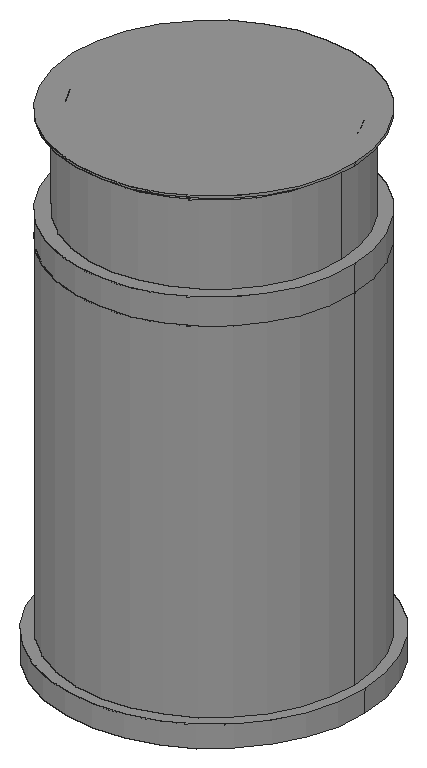
Revit family "检修井zong2014", category 常规模型, Revit 2014
Parameters (values of type "厂区排水检查井")
  Assembly Code = ""
  说明 = "永久免费族库下载，找构件就上构件坞"
  Type Comments = ""
  Keynote = ""
  埋深 [instance] = 2260 mm
  Model = ""
  Manufacturer = ""
  URL = "www.goujianwu.com"
Types (2): name
  厂区排水检查井
  雨水检修井
Reference planes
  plane 1 "中心(前/后)": y = 0
  plane 2: z = 0
  plane 3 "中心(左/右)": x = 0
  plane 4: z = -2260
  plane 5: z = -2160
  plane 6: z = -418.494
  plane 7: z = -538.494
  plane 8: z = -50
Forms (mm)
  Extrusion 1, solid, material "砖，普通，灰色"
    sketch origin (0, 0, 0) x (1, 0, 0) y (0, 1, 0)
      loop
        circle (0, 0) r 650
      loop
        circle (0, 0) r 600
    from -2160 to -538.494
  Extrusion 2, solid, material "砖，普通，灰色"
    sketch origin (0, 0, 0) x (1, 0, 0) y (0, 1, 0)
      loop
        circle (0, 0) r 700
    from -2260 to -2160
  Extrusion 3, solid, material "砖，普通，灰色"
    sketch origin (0, 0, 0) x (1, 0, 0) y (0, 1, 0)
      loop
        circle (0, 0) r 650
      loop
        circle (0, 0) r 540
    from -538.494 to -418.494
  Extrusion 4, solid, material "砖，普通，灰色"
    sketch origin (0, 0, 0) x (1, 0, 0) y (0, 1, 0)
      loop
        circle (0, 0) r 540
      loop
        circle (0, 0) r 590
    from -418.494 to -50
  Extrusion 5, solid, material "铁，铸造"
    sketch origin (0, 0, 0) x (1, 0, 0) y (0, 1, 0)
      loop
        circle (0, 0) r 550
      loop
        circle (0, 0) r 540
    from -50 to -8.566
  Extrusion 6, solid, material "铁，铸造"
    sketch origin (0, 0, 0) x (1, 0, 0) y (0, 1, 0)
      loop
        circle (0, 0) r 650
    from -8.566 to 0
Dimensions and locks
  locked: plane 5 to plane 4 at 100
  locked: plane 6 to plane 7 at 120
  locked: plane 8 to plane 6 at 368.494
  locked: level to plane 7 at 538.494
  "埋深": level to plane 4
  aligned and locked: level to plane 2
  aligned and locked: Extrusion 1 to plane 5
  aligned and locked: Extrusion 2 to plane 4
  aligned and locked: Extrusion 2 to Extrusion 1
  aligned and locked: plane 7 to Extrusion 1
  aligned and locked: plane 6 to Extrusion 3
  aligned and locked: Extrusion 4 to plane 6
  aligned and locked: plane 8 to Extrusion 4
  aligned and locked: Extrusion 5 to Extrusion 4
  aligned and locked: Extrusion 6 to Extrusion 5
  aligned and locked: level to Extrusion 6
  aligned and locked: Extrusion 3 to Extrusion 1
Automatic sketch dimensions
  Extrusion 1 sketch curve to Extrusion 1 sketch curve = 0 mm  (x2)
  plane 1 "中心(前/后)" to Extrusion 1 sketch curve = 0 mm
  Extrusion 1 sketch curve to plane 3 "中心(左/右)" = 0 mm
  plane 1 "中心(前/后)" to Extrusion 2 sketch curve = 0 mm
  Extrusion 2 sketch curve to plane 3 "中心(左/右)" = 0 mm
  Extrusion 3 sketch curve to Extrusion 3 sketch curve = 0 mm  (x2)
  plane 1 "中心(前/后)" to Extrusion 3 sketch curve = 0 mm
  Extrusion 3 sketch curve to plane 3 "中心(左/右)" = 0 mm
  Extrusion 4 sketch curve to Extrusion 4 sketch curve = 0 mm  (x2)
  plane 1 "中心(前/后)" to Extrusion 4 sketch curve = 0 mm
  Extrusion 4 sketch curve to plane 3 "中心(左/右)" = 0 mm
  Extrusion 5 sketch curve to Extrusion 5 sketch curve = 0 mm  (x2)
  plane 1 "中心(前/后)" to Extrusion 5 sketch curve = 0 mm
  Extrusion 5 sketch curve to plane 3 "中心(左/右)" = 0 mm
  plane 1 "中心(前/后)" to Extrusion 6 sketch curve = 0 mm
  Extrusion 6 sketch curve to plane 3 "中心(左/右)" = 0 mm
  radius of Extrusion 1 sketch curve = 650 mm
  radius of Extrusion 1 sketch curve = 600 mm
  radius of Extrusion 2 sketch curve = 700 mm
  radius of Extrusion 3 sketch curve = 650 mm
  radius of Extrusion 3 sketch curve = 540 mm
  radius of Extrusion 4 sketch curve = 540 mm
  radius of Extrusion 4 sketch curve = 590 mm
  radius of Extrusion 5 sketch curve = 550 mm
  radius of Extrusion 5 sketch curve = 540 mm
  radius of Extrusion 6 sketch curve = 650 mm
